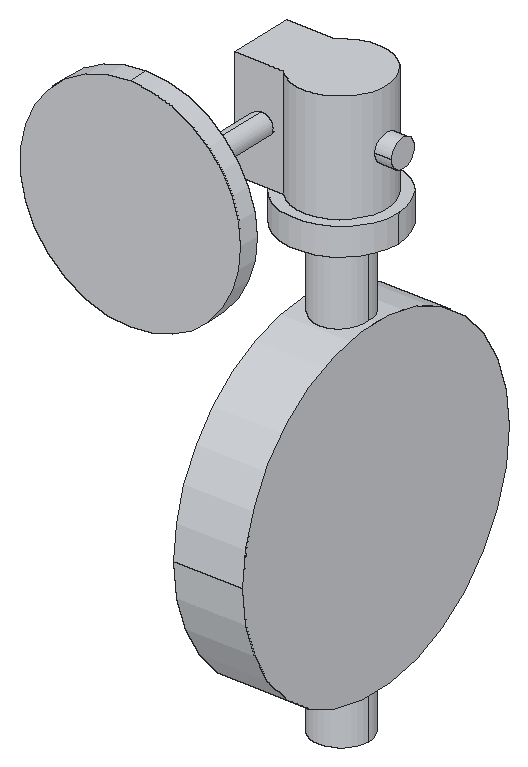
Revit family "HS497-68_disk-nerez_převodové kolo DN300-RFA_2018", category Pipe Accessories, Revit 2018
Family settings
  Round Connector Dimension = Use Diameter
  Part Type = Valve - Breaks Into
  Work Plane-Based = No
  Always vertical = Yes
  Cut with Voids When Loaded = No
  Shared = No
Parameters (values of type "HS 497-68_DN300_PN16_převodové kolo")
  magiProductId = "6860f094f77d42088fbebc3c97f755"
  magiProductFamilyId = "53cea81e6f374d17b8841d9c72ad77"
  magiPartTypeId = 305
  isMeasuringValve [instance] = no
  ang2D [instance] = 0.00°
  X11 = 88.77 mm
  X1 = 36.77 mm
  W2D = 1000 mm
  VersionID = "2.0/2017.9.26.1/ZETKAMA_497_001"
  Use Minimum Symbol Size [instance] = yes
  URL = "http://www.hydronic.cz"
  Type Comments = "mezipřírubová; nerezový disk; PN16; -10~+110°C (krátkodobě +120°C)"
  SW30 = yes
  SW3 = yes
  SW21 = no
  SW20 = no
  SW2 = no
  SW1 = no
  R = 150 mm
  QmdConnectorList = "301;D;302;D"
  Productdata [instance] = ""
  NC = 70 mm
  Manufacturer = "Hydronic Systems Prague s.r.o."
  MM20 = 36.77 mm
  MC Product Code = "126 300 (nerezový disk, s převodovým kolem; DN300; PN16, kvs7037)"
  M41 = 91.5 mm
  M4 = 61 mm
  LHL = 220 mm
  LHH3 = 2.45 mm
  LHH1 = 46.55 mm
  LH1 = 73.333 mm
  L4R__ve = -L4R  # -22.2 mm
  L4R = 22.2 mm
  L42__ve = -L42  # -166.5 mm
  L42 = 166.5 mm
  L41__ve = -L41  # -33.3 mm
  L41 = 33.3 mm
  L2D_Min = 3048 mm
  L2D = 216 mm
  L2 = 39 mm
  L1 = 62.4 mm
  L = 78 mm
  H = 23 mm
  G22 = 11.25 mm
  G2 = 22.5 mm
  G1 = 90 mm
  G = 130 mm
  F = 22 mm
  E44 = 62.5 mm
  E42 = 125 mm
  E4 = 250 mm
  E23 = 4.9 mm
  E22 = 19.6 mm
  E21 = 9.8 mm
  Description = "Mezipřírubová uzavírací klapka s převodovým kolem; nerezový disk, DN300; PN16; kvs7037"
  DR2 = 150 mm
  DR = 376 mm
  DD1 = 31.25 mm
  DD = 25 mm
  D = 300 mm
  CAT0 = yes
  B2__ve = -B2  # -90 mm
  B2 = 90 mm
  A2 = 30.8 mm
  A1 = 127.2 mm
Types (43, lengths in mm): name | magiProductId | X11 | X1 | Type Comments | SW30 | SW3 | SW20 | SW2 | SW1 | R | NC | Manufacturer | MM20 | MC Product Code | M41 | M4 | LHL | LHH3 | LHH1 | LH1 | L4R__ve | L4R | L42__ve | L42 | L41__ve | L41 | L2 | L1 | L | H | G | F | E44 | E42 | E4 | E23 | E22 | E21 | Description | DR2 | DR | DD1 | DD | D | B2__ve | B2 | A2 | A1
  HS 497-68_DN100_PN16_volné vřeteno | "65d1b245f4f142c78569c0602d5754" | 61.456 | 25.456 | "mezipřírubová; nerezový disk; PN16; -10~+110°C (krátkodobě +120°C)" | no | no | no | no | yes | 50 | 50 | "Hydronic Systems Prague s.r.o." | 25.456 | "124 100 (nerezový disk, s volným vřetenem; DN100; PN16, kvs512)" | 66 | 44 | 220 | 2.45 | 46.55 | 73.333 | -12.8 | 12.8 | -96 | 96 | -19.2 | 19.2 | 26 | 41.6 | 52 | 30 | 90 | 11 | 31.25 | 62.5 | 125 | 4.9 | 19.6 | 9.8 | "Mezipřírubová uzavírací klapka s volným vřetenem; nerezový disk, DN100; PN16; kvs512" | 50 | 147 | 15.625 | 12.5 | 100 | -56 | 56 | 16.5 | 98.5
  HS 497-68_DN100_PN16_převodové kolo | "11e91b807e674d428c8e796fcdcfe2" | 61.456 | 25.456 | "mezipřírubová; nerezový disk; PN16; -10~+110°C (krátkodobě +120°C)" | yes | yes | no | no | no | 50 | 50 | "Hydronic Systems Prague s.r.o." | 25.456 | "126 100 (nerezový disk, s převodovým kolem; DN100; PN16, kvs512)" | 65.25 | 43.5 | 220 | 2.45 | 46.55 | 73.333 | -12.8 | 12.8 | -96 | 96 | -19.2 | 19.2 | 26 | 41.6 | 52 | 30 | 90 | 11 | 31.25 | 62.5 | 125 | 4.9 | 19.6 | 9.8 | "Mezipřírubová uzavírací klapka s převodovým kolem; nerezový disk, DN100; PN16; kvs512" | 50 | 147 | 15.625 | 12.5 | 100 | -56 | 56 | 16.5 | 98.5
  HS 497-68_DN100_PN16_s pákou | "28172f0b3f4b47b28323ac71cf8749" | 61.456 | 25.456 | "mezipřírubová; nerezový disk; PN16; -10~+110°C (krátkodobě +120°C)" | no | no | yes | yes | no | 50 | 50 | "Hydronic Systems Prague s.r.o." | 25.456 | "121 100 (nerezový disk, s pákou; DN100; PN16, kvs512)" | 66 | 44 | 260 | 3 | 57 | 86.667 | -12.8 | 12.8 | -96 | 96 | -19.2 | 19.2 | 26 | 41.6 | 52 | 30 | 90 | 11 | 31.25 | 62.5 | 125 | 6 | 24 | 12 | "Mezipřírubová uzavírací klapka s pákou; nerezový disk, DN100; PN16; kvs512" | 50 | 147 | 15.625 | 12.5 | 100 | -56 | 56 | 16.5 | 98.5
  HS 497-68_DN125_PN16_volné vřeteno | "0d813d910fc14f628bb3c2efbd185c" | 61.456 | 25.456 | "mezipřírubová; nerezový disk; PN16; -10~+110°C (krátkodobě +120°C)" | no | no | no | no | yes | 62.5 | 50 | "Hydronic Systems Prague s.r.o." | 25.456 | "124 125 (nerezový disk, s volným vřetenem; DN125; PN16, kvs872)" | 66 | 44 | 220 | 2.45 | 46.55 | 73.333 | -12.8 | 12.8 | -96 | 96 | -19.2 | 19.2 | 28 | 44.8 | 56 | 33 | 90 | 14 | 31.25 | 62.5 | 125 | 4.9 | 19.6 | 9.8 | "Mezipřírubová uzavírací klapka s volným vřetenem; nerezový disk, DN125; PN16; kvs872" | 62.5 | 180 | 15.625 | 12.5 | 125 | -64 | 64 | 18 | 99.5
  HS 497-68_DN125_PN16_převodové kolo | "c56b7c13f372467684996fb1e0e229" | 61.456 | 25.456 | "mezipřírubová; nerezový disk; PN16; -10~+110°C (krátkodobě +120°C)" | yes | yes | no | no | no | 62.5 | 50 | "Hydronic Systems Prague s.r.o." | 25.456 | "126125 (nerezový disk, s převodovým kolem; DN125; PN16, kvs872)" | 65.25 | 43.5 | 220 | 2.45 | 46.55 | 73.333 | -13.5 | 13.5 | -101.25 | 101.25 | -20.25 | 20.25 | 28 | 44.8 | 56 | 33 | 90 | 14 | 40 | 80 | 160 | 4.9 | 19.6 | 9.8 | "Mezipřírubová uzavírací klapka s převodovým kolem; nerezový disk, DN125; PN16; kvs872" | 62.5 | 180 | 20 | 16 | 125 | -64 | 64 | 18 | 99.5
  HS 497-68_DN125_PN16_s pákou | "105993c79a91492399feef7931321a" | 61.456 | 25.456 | "mezipřírubová; nerezový disk; PN16; -10~+110°C (krátkodobě +120°C)" | no | no | yes | yes | no | 62.5 | 50 | "Hydronic Systems Prague s.r.o." | 25.456 | "121 125 (nerezový disk, s pákou; DN125; PN16, kvs872)" | 66 | 44 | 315 | 3.75 | 71.25 | 105 | -12.8 | 12.8 | -96 | 96 | -19.2 | 19.2 | 28 | 44.8 | 56 | 33 | 90 | 14 | 31.25 | 62.5 | 125 | 7.5 | 30 | 15 | "Mezipřírubová uzavírací klapka s pákou; nerezový disk, DN125; PN16; kvs872" | 62.5 | 180 | 15.625 | 12.5 | 125 | -64 | 64 | 18 | 99.5
  HS 497-68_DN150_PN16_volné vřeteno | "50c80cb8ab434f55ab7796e5ac1331" | 61.456 | 25.456 | "mezipřírubová; nerezový disk; PN16; -10~+110°C (krátkodobě +120°C)" | no | no | no | no | yes | 75 | 50 | "Hydronic Systems Prague s.r.o." | 25.456 | "124 150 (nerezový disk, s volným vřetenem; DN150; PN16, kvs1347)" | 66 | 44 | 220 | 2.45 | 46.55 | 73.333 | -12.8 | 12.8 | -96 | 96 | -19.2 | 19.2 | 28 | 44.8 | 56 | 33 | 90 | 14 | 31.25 | 62.5 | 125 | 4.9 | 19.6 | 9.8 | "Mezipřírubová uzavírací klapka s volným vřetenem; nerezový disk, DN150; PN16; kvs1347" | 75 | 206 | 15.625 | 12.5 | 150 | -58 | 58 | 19.3 | 98.7
  HS 497-68_DN150_PN16_převodové kolo | "d94a1a0cf83b476eb10011b327f709" | 61.456 | 25.456 | "mezipřírubová; nerezový disk; PN16; -10~+110°C (krátkodobě +120°C)" | yes | yes | no | no | no | 75 | 50 | "Hydronic Systems Prague s.r.o." | 25.456 | "126 150 (nerezový disk, s převodovým kolem; DN150; PN16, kvs1347)" | 65.25 | 43.5 | 220 | 2.45 | 46.55 | 73.333 | -13.5 | 13.5 | -101.25 | 101.25 | -20.25 | 20.25 | 28 | 44.8 | 56 | 33 | 90 | 14 | 40 | 80 | 160 | 4.9 | 19.6 | 9.8 | "Mezipřírubová uzavírací klapka s převodovým kolem; nerezový disk, DN150; PN16; kvs1347" | 75 | 206 | 20 | 16 | 150 | -58 | 58 | 19.3 | 98.7
  HS 497-68_DN150_PN16_s pákou | "4d2835523fe84828bc50ff0a5a0dfb" | 61.456 | 25.456 | "mezipřírubová; nerezový disk; PN16; -10~+110°C (krátkodobě +120°C)" | no | no | yes | yes | no | 75 | 50 | "Hydronic Systems Prague s.r.o." | 25.456 | "121 150 (nerezový disk, s pákou; DN150; PN16, kvs1347)" | 66 | 44 | 315 | 3.75 | 71.25 | 105 | -12.8 | 12.8 | -96 | 96 | -19.2 | 19.2 | 28 | 44.8 | 56 | 33 | 90 | 14 | 31.25 | 62.5 | 125 | 7.5 | 30 | 15 | "Mezipřírubová uzavírací klapka s pákou; nerezový disk, DN150; PN16; kvs1347" | 75 | 206 | 15.625 | 12.5 | 150 | -58 | 58 | 19.3 | 98.7
  HS 497-68_DN200_PN16_volné vřeteno | "5b29029eaeba47139ee1055a4b9201" | 61.456 | 25.456 | "mezipřírubová; nerezový disk; PN16; -10~+110°C (krátkodobě +120°C)" | no | no | no | no | yes | 100 | 50 | "Hydronic Systems Prague s.r.o." | 25.456 | "124 200 (nerezový disk, s volným vřetenem; DN200; PN16, kvs2675)" | 66 | 44 | 220 | 2.45 | 46.55 | 73.333 | -12.8 | 12.8 | -96 | 96 | -19.2 | 19.2 | 30 | 48 | 60 | 33 | 90 | 17 | 31.25 | 62.5 | 125 | 4.9 | 19.6 | 9.8 | "Mezipřírubová uzavírací klapka s volným vřetenem; nerezový disk, DN200; PN16; kvs2675" | 100 | 257 | 15.625 | 12.5 | 200 | -70 | 70 | 22.5 | 102.5
  HS 497-68_DN200_PN16_převodové kolo | "b2793cc1fcc44cf2a35062cd67c04f" | 61.456 | 25.456 | "mezipřírubová; nerezový disk; PN16; -10~+110°C (krátkodobě +120°C)" | yes | yes | no | no | no | 100 | 57 | "Hydronic Systems Prague s.r.o." | 25.456 | "126 200 (nerezový disk, s převodovým kolem; DN200; PN16, kvs2675)" | 78.75 | 52.5 | 220 | 2.45 | 46.55 | 73.333 | -15.2 | 15.2 | -114 | 114 | -22.8 | 22.8 | 30 | 48 | 60 | 33 | 90 | 17 | 50 | 100 | 200 | 4.9 | 19.6 | 9.8 | "Mezipřírubová uzavírací klapka s převodovým kolem; nerezový disk, DN200; PN16; kvs2675" | 100 | 257 | 25 | 20 | 200 | -70 | 70 | 22.5 | 102.5
  HS 497-68_DN200_PN16_s pákou | "f88d96c7af224537a51e72d7d8fffe" | 61.456 | 25.456 | "mezipřírubová; nerezový disk; PN16; -10~+110°C (krátkodobě +120°C)" | no | no | yes | yes | no | 100 | 50 | "Hydronic Systems Prague s.r.o." | 25.456 | "121 200 (nerezový disk, s pákou; DN200; PN16, kvs2675)" | 66 | 44 | 315 | 3.75 | 71.25 | 105 | -12.8 | 12.8 | -96 | 96 | -19.2 | 19.2 | 30 | 48 | 60 | 33 | 90 | 17 | 31.25 | 62.5 | 125 | 7.5 | 30 | 15 | "Mezipřírubová uzavírací klapka s pákou; nerezový disk, DN200; PN16; kvs2675" | 100 | 257 | 15.625 | 12.5 | 200 | -70 | 70 | 22.5 | 102.5
  HS 497-68_DN250_PN16_volné vřeteno | "b662e8305ca2402b9c510e66e6aa55" | 88.77 | 36.77 | "mezipřírubová; nerezový disk; PN16; -10~+110°C (krátkodobě +120°C)" | no | no | no | no | yes | 125 | 50 | "Hydronic Systems Prague s.r.o." | 36.77 | "124 250 (nerezový disk, s volným vřetenem; DN250; PN16, kvs4555)" | 66 | 44 | 220 | 2.45 | 46.55 | 73.333 | -12.8 | 12.8 | -96 | 96 | -19.2 | 19.2 | 34 | 54.4 | 68 | 23 | 130 | 22 | 31.25 | 62.5 | 125 | 4.9 | 19.6 | 9.8 | "Mezipřírubová uzavírací klapka s volným vřetenem; nerezový disk, DN250; PN16; kvs4555" | 125 | 324 | 15.625 | 12.5 | 250 | -85 | 85 | 28.25 | 129.25
  HS 497-68_DN250_PN16_převodové kolo | "5ee9016806664ddfaa2632711f295c" | 88.77 | 36.77 | "mezipřírubová; nerezový disk; PN16; -10~+110°C (krátkodobě +120°C)" | yes | yes | no | no | no | 125 | 70 | "Hydronic Systems Prague s.r.o." | 36.77 | "126 250 (nerezový disk, s převodovým kolem; DN250; PN16, kvs4555)" | 91.5 | 61 | 220 | 2.45 | 46.55 | 73.333 | -22.2 | 22.2 | -166.5 | 166.5 | -33.3 | 33.3 | 34 | 54.4 | 68 | 23 | 130 | 22 | 62.5 | 125 | 250 | 4.9 | 19.6 | 9.8 | "Mezipřírubová uzavírací klapka s převodovým kolem; nerezový disk, DN250; PN16; kvs4555" | 125 | 324 | 31.25 | 25 | 250 | -85 | 85 | 28.25 | 129.25
  HS 497-68_DN300_PN16_volné vřeteno | "e1886f51ff004380a649519258edf2" | 88.77 | 36.77 | "mezipřírubová; nerezový disk; PN16; -10~+110°C (krátkodobě +120°C)" | no | no | no | no | yes | 150 | 50 | "Hydronic Systems Prague s.r.o." | 36.77 | "124 300 (nerezový disk, s volným vřetenem; DN300; PN16, kvs7037)" | 66 | 44 | 220 | 2.45 | 46.55 | 73.333 | -12.8 | 12.8 | -96 | 96 | -19.2 | 19.2 | 39 | 62.4 | 78 | 23 | 130 | 22 | 31.25 | 62.5 | 125 | 4.9 | 19.6 | 9.8 | "Mezipřírubová uzavírací klapka s volným vřetenem; nerezový disk, DN300; PN16; kvs7037" | 150 | 376 | 15.625 | 12.5 | 300 | -90 | 90 | 30.8 | 127.2
  HS 497-68_DN300_PN16_převodové kolo | "6860f094f77d42088fbebc3c97f755" | 88.77 | 36.77 | "mezipřírubová; nerezový disk; PN16; -10~+110°C (krátkodobě +120°C)" | yes | yes | no | no | no | 150 | 70 | "Hydronic Systems Prague s.r.o." | 36.77 | "126 300 (nerezový disk, s převodovým kolem; DN300; PN16, kvs7037)" | 91.5 | 61 | 220 | 2.45 | 46.55 | 73.333 | -22.2 | 22.2 | -166.5 | 166.5 | -33.3 | 33.3 | 39 | 62.4 | 78 | 23 | 130 | 22 | 62.5 | 125 | 250 | 4.9 | 19.6 | 9.8 | "Mezipřírubová uzavírací klapka s převodovým kolem; nerezový disk, DN300; PN16; kvs7037" | 150 | 376 | 31.25 | 25 | 300 | -90 | 90 | 30.8 | 127.2
  HS 497-68_DN032_PN16_volné vřeteno | "8c5f65de52aa4067a77564107e31b2" | 61.456 | 25.456 | "mezipřírubová; nerezový disk; PN16; -10~+110°C (krátkodobě +120°C)" | no | no | no | no | yes | 16 | 50 | "Hydronic Systems Prague s.r.o." | 25.456 | "124 032 (nerezový disk, s volným vřetenem; DN32; PN16, kvs78)" | 66 | 44 | 220 | 2.45 | 46.55 | 73.333 | -12.8 | 12.8 | -96 | 96 | -19.2 | 19.2 | 16.5 | 26.4 | 33 | 30 | 90 | 11 | 31.25 | 62.5 | 125 | 4.9 | 19.6 | 9.8 | "Mezipřírubová uzavírací klapka s volným vřetenem; nerezový disk, DN32; PN16; kvs78" | 16 | 68 | 15.625 | 12.5 | 32 | -44.2 | 44.2 | 10.25 | 76.25
  HS 497-68_DN032_PN16_převodové kolo | "60aaeffa8b3a4e809ef000e4660060" | 61.456 | 25.456 | "mezipřírubová; nerezový disk; PN16; -10~+110°C (krátkodobě +120°C)" | yes | yes | no | no | no | 16 | 50 | "Hydronic Systems Prague s.r.o." | 25.456 | "126 032 (nerezový disk, s převodovým kolem; DN32; PN16, kvs78)" | 65.25 | 43.5 | 220 | 2.45 | 46.55 | 73.333 | -12.8 | 12.8 | -96 | 96 | -19.2 | 19.2 | 16.5 | 26.4 | 33 | 30 | 90 | 11 | 31.25 | 62.5 | 125 | 4.9 | 19.6 | 9.8 | "Mezipřírubová uzavírací klapka s převodovým kolem; nerezový disk, DN32; PN16; kvs78" | 16 | 68 | 15.625 | 12.5 | 32 | -44.2 | 44.2 | 10.25 | 76.25
  HS 497-68_DN032_PN16_s pákou | "9ad8088d610749a1b871aa2aad8007" | 61.456 | 25.456 | "mezipřírubová; nerezový disk; PN16; -10~+110°C (krátkodobě +120°C)" | no | no | yes | yes | no | 16 | 50 | "Hydronic Systems Prague s.r.o." | 25.456 | "121 032 (nerezový disk, s pákou; DN32; PN16, kvs78)" | 66 | 44 | 220 | 2.45 | 46.55 | 73.333 | -12.8 | 12.8 | -96 | 96 | -19.2 | 19.2 | 16.5 | 26.4 | 33 | 30 | 90 | 11 | 31.25 | 62.5 | 125 | 4.9 | 19.6 | 9.8 | "Mezipřírubová uzavírací klapka s pákou; nerezový disk, DN32; PN16; kvs78" | 16 | 68 | 15.625 | 12.5 | 32 | -44.2 | 44.2 | 10.25 | 76.25
  HS 497-68_DN350_PN10_volné vřeteno | "72a1e05f22944421b7e9596a877137" | 109.255 | 45.255 | "mezipřírubová; nerezový disk; PN10; -10~+110°C (krátkodobě +120°C)" | no | no | no | no | yes | 175 | 50 | "Hydronic Systems Prague s.r.o." | 45.255 | "124 350 (nerezový disk, s volným vřetenem; DN350; PN10, kvs10165)" | 66 | 44 | 220 | 2.45 | 46.55 | 73.333 | -12.8 | 12.8 | -96 | 96 | -19.2 | 19.2 | 39 | 62.4 | 78 | 31 | 160 | 22 | 31.25 | 62.5 | 125 | 4.9 | 19.6 | 9.8 | "Mezipřírubová uzavírací klapka s volným vřetenem; nerezový disk, DN350; PN10; kvs10165" | 175 | 430 | 15.625 | 12.5 | 350 | -88 | 88 | 33.85 | 129.65
  HS 497-68_DN350_PN10_převodové kolo | "a5a01426cb28494ba3afca92f1dace" | 109.255 | 45.255 | "mezipřírubová; nerezový disk; PN10; -10~+110°C (krátkodobě +120°C)" | yes | yes | no | no | no | 175 | 70 | "Hydronic Systems Prague s.r.o." | 45.255 | "126 350 (nerezový disk, s převodovým kolem; DN350; PN10, kvs10165)" | 91.5 | 61 | 220 | 2.45 | 46.55 | 73.333 | -22.2 | 22.2 | -166.5 | 166.5 | -33.3 | 33.3 | 39 | 62.4 | 78 | 31 | 160 | 22 | 62.5 | 125 | 250 | 4.9 | 19.6 | 9.8 | "Mezipřírubová uzavírací klapka s převodovým kolem; nerezový disk, DN350; PN10; kvs10165" | 175 | 430 | 31.25 | 25 | 350 | -88 | 88 | 33.85 | 129.65
  HS 497-68_DN400_PN10_volné vřeteno | "c70ebeb927c04ab99b176e257ad0a7" | 109.255 | 45.255 | "mezipřírubová; nerezový disk; PN10; -10~+110°C (krátkodobě +120°C)" | no | no | no | no | yes | 200 | 50 | "Hydronic Systems Prague s.r.o." | 45.255 | "124 400 (nerezový disk, s volným vřetenem; DN400; PN10, kvs13799)" | 66 | 44 | 220 | 2.45 | 46.55 | 73.333 | -12.8 | 12.8 | -96 | 96 | -19.2 | 19.2 | 51 | 81.6 | 102 | 31 | 160 | 27 | 31.25 | 62.5 | 125 | 4.9 | 19.6 | 9.8 | "Mezipřírubová uzavírací klapka s volným vřetenem; nerezový disk, DN400; PN10; kvs13799" | 200 | 485 | 15.625 | 12.5 | 400 | -108 | 108 | 38 | 142
  HS 497-68_DN400_PN10_převodové kolo | "cc64a4384dcb41b780d81810f4f293" | 109.255 | 45.255 | "mezipřírubová; nerezový disk; PN10; -10~+110°C (krátkodobě +120°C)" | yes | yes | no | no | no | 200 | 72.5 | "Hydronic Systems Prague s.r.o." | 45.255 | "126 400 (nerezový disk, s převodovým kolem; DN400; PN10, kvs13799)" | 103.5 | 69 | 220 | 2.45 | 46.55 | 73.333 | -27.8 | 27.8 | -208.5 | 208.5 | -41.7 | 41.7 | 51 | 81.6 | 102 | 31 | 160 | 27 | 75 | 150 | 300 | 4.9 | 19.6 | 9.8 | "Mezipřírubová uzavírací klapka s převodovým kolem; nerezový disk, DN400; PN10; kvs13799" | 200 | 485 | 37.5 | 30 | 400 | -108 | 108 | 38 | 142
  HS 497-68_DN040_PN16_volné vřeteno | "35f92312390745e88df5b5c325d9ee" | 61.456 | 25.456 | "mezipřírubová; nerezový disk; PN16; -10~+110°C (krátkodobě +120°C)" | no | no | no | no | yes | 20 | 50 | "Hydronic Systems Prague s.r.o." | 25.456 | "124 040 (nerezový disk, s volným vřetenem; DN40; PN16, kvs78)" | 66 | 44 | 220 | 2.45 | 46.55 | 73.333 | -12.8 | 12.8 | -96 | 96 | -19.2 | 19.2 | 16.5 | 26.4 | 33 | 30 | 90 | 11 | 31.25 | 62.5 | 125 | 4.9 | 19.6 | 9.8 | "Mezipřírubová uzavírací klapka s volným vřetenem; nerezový disk, DN40; PN16; kvs78" | 20 | 76 | 15.625 | 12.5 | 40 | -36 | 36 | 11 | 79
  HS 497-68_DN040_PN16_převodové kolo | "d88e968eae3445bc9b7b4e6ff35127" | 61.456 | 25.456 | "mezipřírubová; nerezový disk; PN16; -10~+110°C (krátkodobě +120°C)" | yes | yes | no | no | no | 20 | 50 | "Hydronic Systems Prague s.r.o." | 25.456 | "126 040 (nerezový disk, s převodovým kolem; DN40; PN16, kvs78)" | 65.25 | 43.5 | 220 | 2.45 | 46.55 | 73.333 | -12.8 | 12.8 | -96 | 96 | -19.2 | 19.2 | 16.5 | 26.4 | 33 | 30 | 90 | 11 | 31.25 | 62.5 | 125 | 4.9 | 19.6 | 9.8 | "Mezipřírubová uzavírací klapka s převodovým kolem; nerezový disk, DN40; PN16; kvs78" | 20 | 76 | 15.625 | 12.5 | 40 | -36 | 36 | 11 | 79
  HS 497-68_DN040_PN16_s pákou | "c1b522ca65b4407a98818f232eaacb" | 61.456 | 25.456 | "mezipřírubová; nerezový disk; PN16; -10~+110°C (krátkodobě +120°C)" | no | no | yes | yes | no | 20 | 50 | "Hydronic Systems Prague s.r.o." | 25.456 | "121 040 (nerezový disk, s pákou; DN40; PN16, kvs78)" | 66 | 44 | 220 | 2.45 | 46.55 | 73.333 | -12.8 | 12.8 | -96 | 96 | -19.2 | 19.2 | 16.5 | 26.4 | 33 | 30 | 90 | 11 | 31.25 | 62.5 | 125 | 4.9 | 19.6 | 9.8 | "Mezipřírubová uzavírací klapka s pákou; nerezový disk, DN40; PN16; kvs78" | 20 | 76 | 15.625 | 12.5 | 40 | -36 | 36 | 11 | 79
  HS 497-68_DN450_PN10_volné vřeteno | "a8358bc282f14872b3194e530e590a" | 129.74 | 53.74 | "mezipřírubová; nerezový disk; PN10; -10~+110°C (krátkodobě +120°C)" | no | no | no | no | yes | 225 | 50 | "Hydronic Systems Prague s.r.o." | 53.74 | "124 450 (nerezový disk, s volným vřetenem; DN450; PN10, kvs18514)" | 66 | 44 | 220 | 2.45 | 46.55 | 73.333 | -12.8 | 12.8 | -96 | 96 | -19.2 | 19.2 | 57 | 91.2 | 114 | 38 | 190 | 36 | 31.25 | 62.5 | 125 | 4.9 | 19.6 | 9.8 | "Mezipřírubová uzavírací klapka s volným vřetenem; nerezový, DN450; PN10; kvs18514" | 225 | 536 | 15.625 | 12.5 | 450 | -115 | 115 | 38.05 | 117.45
  HS 497-68_DN450_PN10_převodové kolo | "cdf2d80f54a9414f9cbe50647c0ebd" | 129.74 | 53.74 | "mezipřírubová; nerezový disk; PN10; -10~+110°C (krátkodobě +120°C)" | yes | yes | no | no | no | 225 | 91.5 | "Zetkama" | 53.74 | "126 450 (nerezový disk, s převodovým kolem; DN450; PN10, kvs18514)" | 144.75 | 96.5 | 220 | 2.45 | 46.55 | 73.333 | -32.1 | 32.1 | -240.75 | 240.75 | -48.15 | 48.15 | 57 | 91.2 | 114 | 38 | 190 | 36 | 100 | 200 | 400 | 4.9 | 19.6 | 9.8 | "Mezipřírubová uzavírací klapka s převodovým kolem; nerezový disk, DN450; PN10; kvs18514" | 225 | 536 | 50 | 40 | 450 | -115 | 115 | 38.05 | 117.45
  HS 497-68_DN500_PN10_volné vřeteno | "8c396e27bb2743f98f3c762b6517cd" | 143.397 | 59.397 | "mezipřírubová; nerezový disk; PN10; -10~+110°C (krátkodobě +120°C)" | no | no | no | no | yes | 250 | 50 | "Hydronic Systems Prague s.r.o." | 59.397 | "124 500 (nerezový disk, s volným vřetenem; DN500; PN10, kvs23805)" | 66 | 44 | 220 | 2.45 | 46.55 | 73.333 | -12.8 | 12.8 | -96 | 96 | -19.2 | 19.2 | 63.5 | 101.6 | 127 | 38 | 210 | 36 | 31.25 | 62.5 | 125 | 4.9 | 19.6 | 9.8 | "Mezipřírubová uzavírací klapka s volným vřetenem; nerezový disk, DN500; PN10; kvs23805" | 250 | 593 | 15.625 | 12.5 | 500 | -130 | 130 | 43.25 | 139.25
  HS 497-68_DN500_PN10_převodové kolo | "7647804f32e94cef828a7034a91a46" | 143.397 | 59.397 | "mezipřírubová; nerezový disk; PN10; -10~+110°C (krátkodobě +120°C)" | yes | yes | no | no | no | 250 | 91.5 | "Zetkama" | 59.397 | "126 500 (nerezový disk, s převodovým kolem; DN500; PN10, kvs23805)" | 144.75 | 96.5 | 220 | 2.45 | 46.55 | 73.333 | -32.1 | 32.1 | -240.75 | 240.75 | -48.15 | 48.15 | 63.5 | 101.6 | 127 | 38 | 210 | 36 | 100 | 200 | 400 | 4.9 | 19.6 | 9.8 | "Mezipřírubová uzavírací klapka s převodovým kolem; nerezový disk, DN500; PN10; kvs23805" | 250 | 593 | 50 | 40 | 500 | -130 | 130 | 43.25 | 139.25
  HS 497-68_DN050_volné vřeteno | "d71f296ecd6d4adf8f6e5d9853b4e0" | 61.456 | 25.456 | "mezipřírubová; nerezový disk; PN16; -10~+110°C (krátkodobě +120°C)" | no | no | no | no | yes | 25 | 50 | "Hydronic Systems Prague s.r.o." | 25.456 | "124 050 (nerezový disk, s volným vřetenem; DN50; PN16, kvs98)" | 66 | 44 | 220 | 2.45 | 46.55 | 73.333 | -12.8 | 12.8 | -96 | 96 | -19.2 | 19.2 | 21.5 | 34.4 | 43 | 30 | 90 | 11 | 31.25 | 62.5 | 125 | 4.9 | 19.6 | 9.8 | "Mezipřírubová uzavírací klapka s volným vřetenem; nerezový disk, DN50; PN16; kvs98" | 25 | 100 | 15.625 | 12.5 | 50 | -36.5 | 36.5 | 12 | 83
  HS 497-68_DN050_PN16_převodové kolo | "2fb080deeaed49c58418b94c1da5a4" | 61.456 | 25.456 | "mezipřírubová; nerezový disk; PN16; -10~+110°C (krátkodobě +120°C)" | yes | yes | no | no | no | 25 | 50 | "Hydronic Systems Prague s.r.o." | 25.456 | "126 050 (nerezový disk, s převodovým kolem; DN50; PN16, kvs98)" | 65.25 | 43.5 | 220 | 2.45 | 46.55 | 73.333 | -12.8 | 12.8 | -96 | 96 | -19.2 | 19.2 | 21.5 | 34.4 | 43 | 30 | 90 | 11 | 31.25 | 62.5 | 125 | 4.9 | 19.6 | 9.8 | "Mezipřírubová uzavírací klapka s převodovým kolem; nerezový disk, DN50; PN16; kvs98" | 25 | 100 | 15.625 | 12.5 | 50 | -36.5 | 36.5 | 12 | 83
  HS 497-68_DN050_PN16_s pákou | "dabc632061f94877a994b9b4e68112" | 61.456 | 25.456 | "mezipřírubová; nerezový disk; PN16; -10~+110°C (krátkodobě +120°C)" | no | no | yes | yes | no | 25 | 50 | "Hydronic Systems Prague s.r.o." | 25.456 | "121 050 (nerezový disk, s pákou; DN50; PN16, kvs98)" | 66 | 44 | 220 | 2.45 | 46.55 | 73.333 | -12.8 | 12.8 | -96 | 96 | -19.2 | 19.2 | 21.5 | 34.4 | 43 | 30 | 90 | 11 | 31.25 | 62.5 | 125 | 4.9 | 19.6 | 9.8 | "Mezipřírubová uzavírací klapka s pákou; nerezový disk, DN50; PN16; kvs98" | 25 | 100 | 15.625 | 12.5 | 50 | -36.5 | 36.5 | 12 | 83
  HS 497-68_DN600_PN10_volné vřeteno | "99d5892c14664fce81a7c5903f7711" | 143.397 | 59.397 | "mezipřírubová; nerezový disk; PN10; -10~+110°C (krátkodobě +120°C)" | no | no | no | no | yes | 300 | 50 | "Hydronic Systems Prague s.r.o." | 59.397 | "124 600 (nerezový disk, s volným vřetenem; DN600; PN10, kvs36778)" | 66 | 44 | 220 | 2.45 | 46.55 | 73.333 | -12.8 | 12.8 | -96 | 96 | -19.2 | 19.2 | 77 | 123.2 | 154 | 80 | 210 | 60 | 31.25 | 62.5 | 125 | 4.9 | 19.6 | 9.8 | "Mezipřírubová uzavírací klapka s volným vřetenem; nerezový disk, DN600; PN10; kvs36788" | 300 | 690 | 15.625 | 12.5 | 600 | -140 | 140 | 49.4 | 144.6
  HS 497-68_DN600_PN10_převodové kolo | "b1e26faab48a4c499f6bb11e7e3002" | 143.397 | 59.397 | "mezipřírubová; lnerezový disk; PN10; -10~+110°C (krátkodobě +120°C)" | yes | yes | no | no | no | 300 | 140 | "Hydronic Systems Prague s.r.o." | 59.397 | "126 600 (nerezový disk, s převodovým kolem; DN600; PN10, kvs36778)" | 206.25 | 137.5 | 220 | 2.45 | 46.55 | 73.333 | -40.8 | 40.8 | -306 | 306 | -61.2 | 61.2 | 77 | 123.2 | 154 | 80 | 210 | 60 | 125 | 250 | 500 | 4.9 | 19.6 | 9.8 | "Mezipřírubová uzavírací klapka s převodovým kolem; nerezový disk, DN600; PN10; kvs36788" | 300 | 690 | 62.5 | 50 | 600 | -140 | 140 | 49.4 | 144.6
  HS 497-68_DN065_PN16_volné vřeteno | "5e5e208646e34ec29f889baab5d08e" | 61.456 | 25.456 | "mezipřírubová; lnerezový disk; PN16; -10~+110°C (krátkodobě +120°C)" | no | no | no | no | yes | 32.5 | 50 | "Hydronic Systems Prague s.r.o." | 25.456 | "124 065 (nerezový disk, s volným vřetenem; DN65; PN16, kvs167)" | 66 | 44 | 220 | 2.45 | 46.55 | 73.333 | -12.8 | 12.8 | -96 | 96 | -19.2 | 19.2 | 23 | 36.8 | 46 | 30 | 90 | 11 | 31.25 | 62.5 | 125 | 4.9 | 19.6 | 9.8 | "Mezipřírubová uzavírací klapka s volným vřetenem; nerezový disk, DN65; PN16; kv167" | 32.5 | 108 | 15.625 | 12.5 | 65 | -36.5 | 36.5 | 13.5 | 89
  HS 497-68_DN065_PN16_převodové kolo | "654d74c8d15540b0bfe523d988ccb3" | 61.456 | 25.456 | "mezipřírubová; nerezový disk; PN16; -10~+110°C (krátkodobě +120°C)" | yes | yes | no | no | no | 32.5 | 50 | "Hydronic Systems Prague s.r.o." | 25.456 | "126 065 (nerezový disk, s převodovým kolem; DN65; PN16, kvs167)" | 65.25 | 43.5 | 220 | 2.45 | 46.55 | 73.333 | -12.8 | 12.8 | -96 | 96 | -19.2 | 19.2 | 23 | 36.8 | 46 | 30 | 90 | 11 | 31.25 | 62.5 | 125 | 4.9 | 19.6 | 9.8 | "Mezipřírubová uzavírací klapka s převodovým kolem; nerezový disk, DN65; PN16; kvs167" | 32.5 | 108 | 15.625 | 12.5 | 65 | -36.5 | 36.5 | 13.5 | 89
  HS 497-68_DN065_PN16_s pákou | "ebeb4b59db0641caaf6d6635ab37b9" | 61.456 | 25.456 | "mezipřírubová; nerezový disk; PN16; -10~+110°C (krátkodobě +120°C)" | no | no | yes | yes | no | 32.5 | 50 | "Hydronic Systems Prague s.r.o." | 25.456 | "121 065 (nerezový disk, s pákou; DN65; PN16, kvs167)" | 66 | 44 | 220 | 2.45 | 46.55 | 73.333 | -12.8 | 12.8 | -96 | 96 | -19.2 | 19.2 | 23 | 36.8 | 46 | 30 | 90 | 11 | 31.25 | 62.5 | 125 | 4.9 | 19.6 | 9.8 | "Mezipřírubová uzavírací klapka s pákou; nerezový disk, DN65; PN16; kvs167" | 32.5 | 108 | 15.625 | 12.5 | 65 | -36.5 | 36.5 | 13.5 | 89
  HS 497-68_DN080_PN16_volné vřeteno | "9e85c75c18654e1185a9c48ed6b00e" | 61.456 | 25.456 | "mezipřírubová; nerezový disk; PN16; -10~+110°C (krátkodobě +120°C)" | no | no | no | no | yes | 40 | 50 | "Hydronic Systems Prague s.r.o." | 25.456 | "124 080 (nerezový disk, s volným vřetenem; DN80; PN16, kvs258)" | 66 | 44 | 220 | 2.45 | 46.55 | 73.333 | -12.8 | 12.8 | -96 | 96 | -19.2 | 19.2 | 23 | 36.8 | 46 | 30 | 90 | 11 | 31.25 | 62.5 | 125 | 4.9 | 19.6 | 9.8 | "Mezipřírubová uzavírací klapka s volným vřetenem; nerezový disk, DN80; PN16; kvs258" | 40 | 124 | 15.625 | 12.5 | 80 | -54 | 54 | 14.1 | 86.9
  HS 497-68_DN080_PN16_převodové kolo | "5b3c8238c3d041e68c75b199e7ea46" | 61.456 | 25.456 | "mezipřírubová; nerezový disk; PN16; -10~+110°C (krátkodobě +120°C)" | yes | yes | no | no | no | 40 | 50 | "Hydronic Systems Prague s.r.o." | 25.456 | "126 080 (nerezový disk, s převodovým kolem; DN80; PN16, kvs258)" | 65.25 | 43.5 | 220 | 2.45 | 46.55 | 73.333 | -12.8 | 12.8 | -96 | 96 | -19.2 | 19.2 | 23 | 36.8 | 46 | 30 | 90 | 11 | 31.25 | 62.5 | 125 | 4.9 | 19.6 | 9.8 | "Mezipřírubová uzavírací klapka s převodovým kolem; nerezový disk, DN80; PN16; kvs258" | 40 | 124 | 15.625 | 12.5 | 80 | -54 | 54 | 14.1 | 86.9
  HS 497-68_DN080_PN16_s pákou | "e414795fab0f4eccb99bc3572c5477" | 61.456 | 25.456 | "mezipřírubová; nerezový disk; PN16; -10~+110°C (krátkodobě +120°C)" | no | no | yes | yes | no | 40 | 50 | "Hydronic Systems Prague s.r.o." | 25.456 | "121 080 (nerezový disk, s pákou; DN80; PN16, kvs258)" | 66 | 44 | 260 | 3 | 57 | 86.667 | -12.8 | 12.8 | -96 | 96 | -19.2 | 19.2 | 23 | 36.8 | 46 | 30 | 90 | 11 | 31.25 | 62.5 | 125 | 6 | 24 | 12 | "Mezipřírubová uzavírací klapka s pákou; nerezový disk, DN80; PN16; kvs258" | 40 | 124 | 15.625 | 12.5 | 80 | -54 | 54 | 14.1 | 86.9
  HS 497-68_DN250_PN16_s pákou | "" | 88.77 | 36.77 | "mezipřírubová; nerezový disk; PN16; -10~+110°C (krátkodobě +120°C)" | no | no | yes | yes | no | 125 | 70 | "Hydronic Systems Prague s.r.o." | 36.77 | "121 250 (nerezový disk, s ákou; DN250; PN16, kvs4555)" | 91.5 | 61 | 220 | 2.45 | 46.55 | 73.333 | -22.2 | 22.2 | -166.5 | 166.5 | -33.3 | 33.3 | 34 | 54.4 | 68 | 23 | 130 | 22 | 62.5 | 125 | 250 | 4.9 | 19.6 | 9.8 | "Mezipřírubová uzavírací klapka s pákou; nerezový disk, DN250; PN16; kvs4555" | 125 | 324 | 31.25 | 25 | 250 | -85 | 85 | 28.25 | 129.25
  HS 497-68_DN300_PN16_s pákou | "" | 88.77 | 36.77 | "mezipřírubová; nerezový disk; PN16; -10~+110°C (krátkodobě +120°C)" | no | no | yes | yes | no | 150 | 70 | "Hydronic Systems Prague s.r.o." | 36.77 | "121 300 (nerezový disk, s pákou; DN300; PN16, kvs7037)" | 91.5 | 61 | 220 | 2.45 | 46.55 | 73.333 | -22.2 | 22.2 | -166.5 | 166.5 | -33.3 | 33.3 | 39 | 62.4 | 78 | 23 | 130 | 22 | 62.5 | 125 | 250 | 4.9 | 19.6 | 9.8 | "Mezipřírubová uzavírací klapka s pákou; nerezový disk, DN300; PN16; kvs7037" | 150 | 376 | 31.25 | 25 | 300 | -90 | 90 | 30.8 | 127.2
Reference planes
  plane 1 "Center (Front/Back)": y = 0
  plane 2 "XYPLANE": z = 0
  plane 3 "Center (Left/Right)": x = 0
  plane 4 "473": x = -36.77
  plane 5 "472": x = -91.5
  plane 6 "471": y = -36.77
  plane 7 "470": y = 36.77
  plane 8 "469": x = -61
  plane 9 "468": y = -199.8
  plane 10 "467": y = -166.5
  plane 11 "466": z = 370.5
  plane 12 "465": z = 354.55
  plane 13 "464": y = 145.417
  plane 14 "463": z = 344.75
  plane 15 "462": z = 327.6
  plane 16 "461": z = 337.4
  plane 17 "460": y = 72.083
  plane 18 "459": x = -11.25
  plane 19 "458": x = 11.25
  plane 20 "457": y = -6.25
  plane 21 "456": x = -17.5
  plane 22 "455": x = 17.5
  plane 23 "454": z = 342.3
  plane 24 "453": y = 62.083
  plane 25 "452": y = -11.25
  plane 26 "451": x = -22.5
  plane 27 "450": x = 22.5
  plane 28 "449": z = 322.7
  plane 29 "448": z = 317.8
  plane 30 "447": z = -150
  plane 31 "446": z = 308
  plane 32 "445": z = 277.2
  plane 33 "444": z = 150
  plane 34 "443": x = 39
  plane 35 "442": x = -39
  plane 36 "441": z = 0
  plane 37 "440": y = 0
  plane 38 "439": x = 0
  plane 39 "438": z = 357
  plane 40 "437": z = 342.3
  plane 41 "436": x = 13.7
  plane 42 "435": x = -13.7
  plane 43 "434": y = 220
Forms (mm)
  Extrusion 1, solid, visible <- "SW3"
    sketch origin (-750, 0, 308) x (1, 0, 0) y (0, 1, 0)
      loop
        line (658.5, 36.77) -> (658.5, -36.77) -> (713.23, -36.77)
        arc (713.23, -36.77) -> (802, 0) -> (713.23, 36.77) r 52
        line (713.23, 36.77) -> (658.5, 36.77)
    from 0 to 125 <- "E42"
  Extrusion 2, solid, visible <- "SW30"
    sketch origin (0, -750, 0) x (0, 1, 0) y (0, 0, 1)
      loop
        circle (750, 370.5) r 15.625
    from 0 to 70 <- "NC"
  Extrusion 3, solid, visible <- "SW30"
    sketch origin (750, -199.8, 0) x (-1, 0, 0) y (0, 0, 1)
      loop
        circle (811, 370.5) r 125
    from 0 to -22.2 <- "L4R__ve"
  Extrusion 4, solid, visible <- "SW3"
    sketch origin (750, -166.5, 0) x (-1, 0, 0) y (0, 0, 1)
      loop
        circle (811, 370.5) r 15.625
    from 0 to -33.3 <- "L41__ve"
  Extrusion 5, solid, visible <- "SW30"
    sketch origin (750, 0, 0) x (-1, 0, 0) y (0, 0, 1)
      loop
        circle (811, 370.5) r 12.5
    from 0 to -166.5 <- "L42__ve"
  Blend 6, solid, visible <- "SW21"
    base sketch origin (750, 72.083, 0) x (-1, 0, 0) y (0, 0, 1)
      loop
        line (761.25, 337.4) -> (738.75, 337.4) -> (738.75, 327.6) -> (761.25, 327.6) -> (761.25, 337.4)
    top sketch origin (750, 72.083, 0) x (-1, 0, 0) y (0, 0, 1)
      loop
        line (761.25, 354.55) -> (738.75, 354.55) -> (738.75, 344.75) -> (761.25, 344.75) -> (761.25, 354.55)
    from 0 to 73.333
  Blend 7, solid, visible <- "SW21"
    base sketch origin (750, 62.083, 0) x (-1, 0, 0) y (0, 0, 1)
      loop
        line (761.25, 342.3) -> (738.75, 342.3) -> (738.75, 322.7) -> (761.25, 322.7) -> (761.25, 342.3)
    top sketch origin (750, 62.083, 0) x (-1, 0, 0) y (0, 0, 1)
      loop
        line (761.25, 337.4) -> (738.75, 337.4) -> (738.75, 327.6) -> (761.25, 327.6) -> (761.25, 337.4)
    from 0 to 10
  Blend 8, solid, visible <- "SW21"
    base sketch origin (-750, 0, 322.7) x (1, 0, 0) y (0, 1, 0)
      loop
        line (772.5, 62.083) -> (727.5, 62.083) -> (727.5, -11.25)
        arc (727.5, -11.25) -> (750, -31.25) -> (772.5, -11.25) r 22.656
        line (772.5, -11.25) -> (772.5, 62.083)
    top sketch origin (-750, 0, 322.7) x (1, 0, 0) y (0, 1, 0)
      loop
        line (767.5, 62.083) -> (732.5, 62.083) -> (732.5, -6.25)
        arc (732.5, -6.25) -> (750, -26.25) -> (767.5, -6.25) r 17.656
        line (767.5, -6.25) -> (767.5, 62.083)
    from 0 to 19.6
  Extrusion 9, solid, visible <- "SW2"
    sketch origin (-750, 0, 317.8) x (1, 0, 0) y (0, 1, 0)
      loop
        circle (750, 0) r 11.25
    from 0 to 4.9 <- "E23"
  Extrusion 10, solid, visible <- "SW2"
    sketch origin (-750, 0, 308) x (1, 0, 0) y (0, 1, 0)
      loop
        circle (750, 0) r 45
    from 0 to 9.8 <- "E21"
  Extrusion 11, solid, visible <- "CAT0"
    sketch origin (-750, 0, -150) x (1, 0, 0) y (0, 1, 0)
      loop
        circle (750, 0) r 31.2
    from 0 to -90 <- "B2__ve"
  Extrusion 12, solid, visible <- "CAT0"
    sketch origin (-750, 0, 277.2) x (1, 0, 0) y (0, 1, 0)
      loop
        circle (750, 0) r 65
    from 0 to 30.8 <- "A2"
  Extrusion 13, solid, visible <- "CAT0"
    sketch origin (-750, 0, 150) x (1, 0, 0) y (0, 1, 0)
      loop
        circle (750, 0) r 31.2
    from 0 to 127.2 <- "A1"
  Extrusion 14, solid, visible <- "CAT0"
    sketch origin (-39, -750, 0) x (0, 1, 0) y (0, 0, 1)
      loop
        circle (750, 0) r 188
    from 0 to 78 <- "L"
  Extrusion 15, solid, visible <- "SW1"
    sketch origin (-750, 0, 308) x (1, 0, 0) y (0, 1, 0)
      loop
        line (761, 11) -> (739, 11) -> (739, -11) -> (761, -11) -> (761, 11)
    from 0 to 23 <- "H"
  Blend 16, solid, visible <- "SW2"
    base sketch origin (750, 145.417, 0) x (-1, 0, 0) y (0, 0, 1)
      loop
        arc (763.7, 352) -> (762.236, 355.536) -> (758.7, 357) r 5
        line (758.7, 357) -> (741.3, 357)
        arc (741.3, 357) -> (737.764, 355.536) -> (736.3, 352) r 5
        line (736.3, 352) -> (736.3, 347.3)
        arc (736.3, 347.3) -> (737.764, 343.764) -> (741.3, 342.3) r 5
        line (741.3, 342.3) -> (758.7, 342.3)
        arc (758.7, 342.3) -> (762.236, 343.764) -> (763.7, 347.3) r 5
        line (763.7, 347.3) -> (763.7, 352)
    top sketch origin (750, 145.417, 0) x (-1, 0, 0) y (0, 0, 1)
      loop
        arc (763.7, 352) -> (762.236, 355.536) -> (758.7, 357) r 5
        line (758.7, 357) -> (741.3, 357)
        arc (741.3, 357) -> (737.764, 355.536) -> (736.3, 352) r 5
        line (736.3, 352) -> (736.3, 347.3)
        arc (736.3, 347.3) -> (737.764, 343.764) -> (741.3, 342.3) r 5
        line (741.3, 342.3) -> (758.7, 342.3)
        arc (758.7, 342.3) -> (762.236, 343.764) -> (763.7, 347.3) r 5
        line (763.7, 347.3) -> (763.7, 352)
    from 0 to 74.583
  Blend 17, solid, visible <- "SW20"
    base sketch origin (750, 145.417, 0) x (-1, 0, 0) y (0, 0, 1)
      loop
        line (763.7, 357) -> (736.3, 357) -> (736.3, 342.3) -> (763.7, 342.3) -> (763.7, 357)
    top sketch origin (750, 145.417, 0) x (-1, 0, 0) y (0, 0, 1)
      loop
        line (761.25, 342.3) -> (738.75, 342.3) -> (738.75, 322.7) -> (761.25, 322.7) -> (761.25, 342.3)
    from 0 to -83.333
  Extrusion 18, solid, visible <- "SW20"
    sketch origin (-750, 0, 322.7) x (1, 0, 0) y (0, 1, 0)
      loop
        line (772.5, 62.083) -> (727.5, 62.083) -> (727.5, -11.25)
        arc (727.5, -11.25) -> (750, -31.25) -> (772.5, -11.25) r 22.656
        line (772.5, -11.25) -> (772.5, 62.083)
    from 0 to 19.6 <- "E22"
  Extrusion 19, solid, not visible
    sketch origin (-39, -750, 0) x (0, 1, 0) y (0, 0, 1)
      loop
        circle (750, 0) r 10
    from 0 to 10
  Extrusion 20, solid, not visible
    sketch origin (39, -750, 0) x (0, 1, 0) y (0, 0, 1)
      loop
        circle (750, 0) r 10
    from 0 to -10
Lines and regions (mm)
  reference lines, not visible
    curve 1: circle (2, 2, 0) r 1 normal (0, 0, 1)
  reference lines
    curve 2: line (-36.77, -36.77, 308) -> (-36.77, 36.77, 308)
    curve 3: line (-17.5, -6.25, 322.7) -> (17.5, -6.25, 322.7)
    curve 4: line (-22.5, -11.25, 322.7) -> (22.5, -11.25, 322.7)
    curve 5: circle (0, 0, 308) r 1 normal (0, 0, 1)
    curve 6: line (-22.5, -11.25, 322.7) -> (22.5, -11.25, 322.7)
Dimensions and locks
  plane 1 "Center (Front/Back)" to curve 1 = 2 mm
  "X1": plane 3 "Center (Left/Right)" to plane 4 "473"
  "M41": plane 3 "Center (Left/Right)" to plane 5 "472"
  "MM20": plane 1 "Center (Front/Back)" to plane 6 "471"
  "MM20": plane 1 "Center (Front/Back)" to plane 7 "470"
  "M4": plane 3 "Center (Left/Right)" to plane 8 "469"
  "L41": plane 10 "467" to plane 9 "468"
  "L42": plane 1 "Center (Front/Back)" to plane 10 "467"
  "E44": plane 31 "446" to plane 11 "466"
  "LHH1": plane 31 "446" to plane 12 "465"
  "LH1": plane 17 "460" to plane 13 "464"
  "E21": plane 12 "465" to plane 14 "463"
  "E21": plane 16 "461" to plane 15 "462"
  "E23": plane 23 "454" to plane 16 "461"
  locked: plane 24 "453" to plane 17 "460" at 10
  "G22": plane 3 "Center (Left/Right)" to plane 18 "459"
  "G22": plane 3 "Center (Left/Right)" to plane 19 "458"
  locked: plane 25 "452" to plane 20 "457" at 5
  locked: plane 26 "451" to plane 21 "456" at 5
  locked: plane 27 "450" to plane 22 "455" at 5
  "E22": plane 28 "449" to plane 23 "454"
  "LH1": plane 25 "452" to plane 24 "453"
  "G22": plane 1 "Center (Front/Back)" to plane 25 "452"
  "G2": plane 3 "Center (Left/Right)" to plane 26 "451"
  "G2": plane 3 "Center (Left/Right)" to plane 27 "450"
  "E23": plane 29 "448" to plane 28 "449"
  "E21": plane 31 "446" to plane 29 "448"
  "R": plane 2 "XYPLANE" to plane 30 "447"
  "A2": plane 32 "445" to plane 31 "446"
  "A1": plane 33 "444" to plane 32 "445"
  "DR2": plane 2 "XYPLANE" to plane 33 "444"
  "L2": plane 3 "Center (Left/Right)" to plane 34 "443"
  "L2": plane 3 "Center (Left/Right)" to plane 35 "442"
  locked: plane 2 "XYPLANE" to plane 36 "441"
  locked: plane 1 "Center (Front/Back)" to plane 37 "440"
  locked: plane 3 "Center (Left/Right)" to plane 38 "439"
  "LHH3": plane 12 "465" to plane 39 "438"
  "LHH3": plane 14 "463" to plane 40 "437"
  "LHH3": plane 19 "458" to plane 41 "436"
  "LHH3": plane 18 "459" to plane 42 "435"
  "LHL": plane 1 "Center (Front/Back)" to plane 43 "434"
  "X11": curve 2 to Extrusion 1 sketch curve
  Extrusion 1 sketch curve to Extrusion 1 sketch curve = 0 mm  (x8)
  Blend 6 sketch curve to Blend 6 sketch curve = 0 mm  (x16)
  Blend 7 sketch curve to Blend 7 sketch curve = 0 mm  (x16)
  Blend 8 sketch curve to Blend 8 sketch curve = 0 mm  (x16)
  equal spacing: Extrusion 15 sketch curve, curve 5, Extrusion 15 sketch curve  (x2)
  "F": Extrusion 15 sketch curve to Extrusion 15 sketch curve  (x2)
  Blend 16 sketch curve to Blend 16 sketch curve = 0 mm  (x32)
  Blend 17 sketch curve to Blend 17 sketch curve = 0 mm  (x16)
  Extrusion 18 sketch curve to Extrusion 18 sketch curve = 0 mm  (x8)
  "DD1": diameter of Extrusion 2 sketch curve
  "E4": diameter of Extrusion 3 sketch curve
  "DD1": diameter of Extrusion 4 sketch curve
  "DD": diameter of Extrusion 5 sketch curve
  "G2": diameter of Extrusion 9 sketch curve
  "G1": diameter of Extrusion 10 sketch curve
  "L1": diameter of Extrusion 11 sketch curve
  "G": diameter of Extrusion 12 sketch curve
  "L1": diameter of Extrusion 13 sketch curve
  "DR": diameter of Extrusion 14 sketch curve
  radius of Blend 16 sketch curve = 5 mm  (x8)
  aligned and locked: level to plane 2 "XYPLANE"
  aligned and locked: Extrusion 1 sketch curve to plane 5 "472"
  aligned and locked: plane 7 "470" to Extrusion 1 sketch curve
  aligned and locked: plane 6 "471" to Extrusion 1 sketch curve
  aligned and locked: plane 5 "472" to Extrusion 1 sketch curve
  aligned and locked: plane 4 "473" to Extrusion 1 sketch curve  (x2)
  aligned and locked: plane 4 "473" to curve 2
  aligned and locked: plane 6 "471" to curve 2
  aligned and locked: plane 7 "470" to curve 2
  aligned and locked: Extrusion 1 sketch curve to plane 7 "470"
  aligned and locked: plane 11 "466" to Extrusion 2 sketch curve
  aligned and locked: plane 37 "440" to Extrusion 2 sketch curve
  aligned and locked: plane 8 "469" to Extrusion 3 sketch curve
  aligned and locked: plane 11 "466" to Extrusion 3 sketch curve
  aligned and locked: plane 8 "469" to Extrusion 4 sketch curve
  aligned and locked: plane 11 "466" to Extrusion 4 sketch curve
  aligned and locked: plane 8 "469" to Extrusion 5 sketch curve
  aligned and locked: plane 11 "466" to Extrusion 5 sketch curve
  aligned and locked: plane 12 "465" to Blend 6 sketch curve  (x2)
  aligned and locked: plane 18 "459" to Blend 6 sketch curve  (x4)
  aligned and locked: plane 19 "458" to Blend 6 sketch curve  (x4)
  aligned and locked: plane 14 "463" to Blend 6 sketch curve  (x2)
  aligned and locked: plane 16 "461" to Blend 6 sketch curve  (x2)
  aligned and locked: plane 15 "462" to Blend 6 sketch curve  (x2)
  aligned and locked: plane 13 "464" to Blend 6
  aligned and locked: plane 16 "461" to Blend 7 sketch curve  (x2)
  aligned and locked: plane 18 "459" to Blend 7 sketch curve  (x4)
  aligned and locked: plane 19 "458" to Blend 7 sketch curve  (x4)
  aligned and locked: plane 15 "462" to Blend 7 sketch curve  (x2)
  aligned and locked: plane 23 "454" to Blend 7 sketch curve  (x2)
  aligned and locked: plane 28 "449" to Blend 7 sketch curve  (x2)
  aligned and locked: plane 17 "460" to Blend 7
  aligned and locked: plane 24 "453" to Blend 8 sketch curve  (x4)
  aligned and locked: plane 22 "455" to Blend 8 sketch curve  (x2)
  aligned and locked: plane 21 "456" to Blend 8 sketch curve
  aligned and locked: plane 20 "457" to Blend 8 sketch curve  (x2)
  aligned and locked: curve 3 to plane 20 "457"
  aligned and locked: plane 21 "456" to curve 3
  aligned and locked: plane 22 "455" to curve 3
  aligned and locked: plane 27 "450" to Blend 8 sketch curve  (x2)
  aligned and locked: plane 26 "451" to Blend 8 sketch curve
  aligned and locked: plane 25 "452" to Blend 8 sketch curve  (x2)
  aligned and locked: curve 4 to plane 25 "452"
  aligned and locked: plane 26 "451" to curve 4
  aligned and locked: plane 27 "450" to curve 4
  aligned and locked: plane 23 "454" to Blend 8
  aligned and locked: plane 37 "440" to Extrusion 9 sketch curve
  aligned and locked: plane 38 "439" to Extrusion 9 sketch curve
  aligned and locked: plane 37 "440" to Extrusion 10 sketch curve
  aligned and locked: plane 38 "439" to Extrusion 10 sketch curve
  aligned and locked: plane 37 "440" to Extrusion 11 sketch curve
  aligned and locked: plane 38 "439" to Extrusion 11 sketch curve
  aligned and locked: plane 37 "440" to Extrusion 12 sketch curve
  aligned and locked: plane 38 "439" to Extrusion 12 sketch curve
  aligned and locked: plane 37 "440" to Extrusion 13 sketch curve
  aligned and locked: plane 38 "439" to Extrusion 13 sketch curve
  aligned and locked: plane 36 "441" to Extrusion 14 sketch curve
  aligned and locked: Extrusion 14 sketch curve to plane 37 "440"
  aligned and locked: plane 37 "440" to curve 5
  aligned and locked: plane 38 "439" to curve 5
  aligned and locked: plane 39 "438" to Blend 16 sketch curve  (x2)
  aligned and locked: plane 41 "436" to Blend 16 sketch curve  (x2)
  aligned and locked: Blend 16 sketch curve to plane 40 "437"  (x2)
  aligned and locked: Blend 16 sketch curve to plane 42 "435"  (x2)
  aligned and locked: plane 43 "434" to Blend 16
  aligned and locked: plane 23 "454" to Blend 17 sketch curve  (x2)
  aligned and locked: plane 18 "459" to Blend 17 sketch curve  (x2)
  aligned and locked: plane 19 "458" to Blend 17 sketch curve  (x2)
  aligned and locked: plane 28 "449" to Blend 17 sketch curve  (x2)
  aligned and locked: plane 39 "438" to Blend 17 sketch curve  (x2)
  aligned and locked: plane 42 "435" to Blend 17 sketch curve  (x2)
  aligned and locked: plane 41 "436" to Blend 17 sketch curve  (x2)
  aligned and locked: plane 40 "437" to Blend 17 sketch curve  (x2)
  aligned and locked: Blend 17 to plane 24 "453"
  aligned and locked: plane 24 "453" to Extrusion 18 sketch curve  (x2)
  aligned and locked: plane 27 "450" to Extrusion 18 sketch curve  (x2)
  aligned and locked: plane 26 "451" to Extrusion 18 sketch curve
  aligned and locked: plane 25 "452" to Extrusion 18 sketch curve  (x2)
  aligned and locked: curve 6 to plane 25 "452"
  aligned and locked: plane 26 "451" to curve 6
  aligned and locked: plane 27 "450" to curve 6
  aligned and locked: plane 36 "441" to Extrusion 19 sketch curve
  aligned and locked: Extrusion 19 sketch curve to plane 37 "440"
  aligned and locked: plane 36 "441" to Extrusion 20 sketch curve
  aligned and locked: Extrusion 20 sketch curve to plane 37 "440"
Automatic sketch dimensions
  Blend 8 sketch curve to plane 20 "457" = 2.344 mm  (x2)
  Extrusion 18 sketch curve to plane 20 "457" = 2.344 mm
  plane 25 "452" to Extrusion 19 sketch curve = 1.25 mm
  plane 25 "452" to Extrusion 20 sketch curve = 1.25 mm
  plane 3 "Center (Left/Right)" to curve 1 = 2 mm
  Extrusion 15 sketch curve to plane 3 "Center (Left/Right)" = 11 mm
  Extrusion 15 sketch curve to plane 20 "457" = 4.75 mm
  radius of curve 5 = 1 mm
  radius of curve 1 = 1 mm
Connectors
  piping at (-39, 0, 0), diameter 300, driven by "D"
    settings: on Extrusion 19, index 1, connector inside diameter 609.6 mm, connector length 0 mm, flow factor 0, pipe flow 0.0 L/s, pressure drop 0.0 Pa, fitting loss kfactor 0, connector angle 0.00°, fixture units 0, engagement length 0 mm, angle of deflection 0.00°, flow configuration 0, flow direction 0, fitting loss method 0, system type 29, joint type 0, gender type 0, connector reference index 2, connector utility 0, adjustable connector no, is connector primary yes, connector description ""
  piping at (39, 0, 0), diameter 300, driven by "D"
    settings: on Extrusion 20, index 2, connector inside diameter 609.6 mm, connector length 0 mm, flow factor 0, pipe flow 0.0 L/s, pressure drop 0.0 Pa, fitting loss kfactor 0, connector angle 0.00°, fixture units 0, engagement length 0 mm, angle of deflection 0.00°, flow configuration 0, flow direction 0, fitting loss method 0, system type 29, joint type 0, gender type 0, connector reference index 1, connector utility 0, adjustable connector no, is connector primary no, connector description ""
